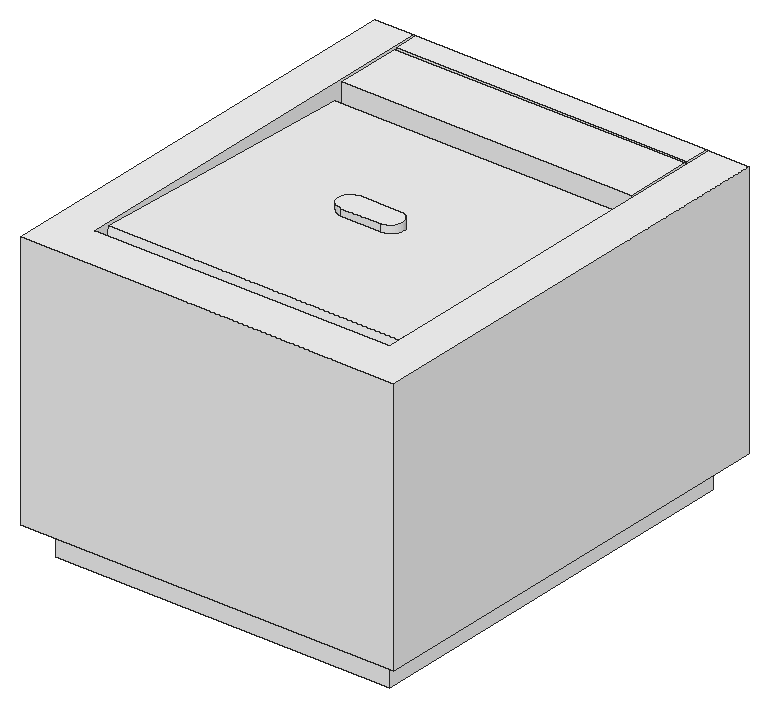
Revit family "Gira_010530", category Electrical Fixtures, host Face, Revit 2017
Family settings
  Host = Face
  Maintain Annotation Orientation = Yes
  Round Connector Dimension = Use Diameter
  Part Type = Normal
  Cut with Voids When Loaded = No
  Shared = No
  Room Calculation Point = No
Parameters (values of type "Rocker sw. series sw. WP surface-mounted grey")
  With mounting plate = "No"
  Wiring system = "Series switch"
  White [instance] = White
  Washing machine switch = "No"
  URL = "http://katalog.gira.de/en/datenblatt.html?artikelnr=010530"
  Type of fastening = "Screw mounting"
  Surface protection = "Other"
  Suitable for degree of protection (IP) = "IP44"
  Rated current = "10"
  Push button switch = "No"
  Number of rockers = "2"
  Number of modules (module system) = "1"
  Nominal voltage = "250"
  Name = "Rocker sw. series sw. WP surface-mounted grey"
  Mounting method = "Surface mounted (plaster)"
  Method of operation = "Rocker/button"
  Material quality = "Other"
  Material = "Other"
  Manufacturer URL = "https://www.gira.de/"
  Manufacturer = "Gira"
  Label space/information surface = "Yes"
  Illumination = "No"
  HeinzeBIM = "https://bimportal.heinze.de/bim/rocker-sw-series-sw-wp-surface-mounted-grey/78124c9148899853d86de6041eb3167d16340974"
  Halogen free = "No"
  HAN = "010530"
  GTIN = "4010337105305"
  Feedback-signal contact = "No"
  Description = "Rock.sw.series WP SM GY,Rocker switch 10 AX 250 V~,Series switch,grey,"
  Default Elevation = 1219.2 mm
  Data sheet (1) = "https://katalog.gira.de/en/download.html?artikelnr=010530"
  Connection type = "Plug clamp"
  Colour = "Grey"
  Category = "Switch"
  BIM (1) = "https://media.stage.bim.site/public/gira/36a6b08/IP44_Komplettgerät_Schalten und Tasten.rfa?public/gira/36a6b08/IP44_Komplettgerät_Schalten und Tasten.rfa"
  Available = "No"
  Assembly arrangement = "Basic element with complete housing"
Reference planes
  plane 1 "Center (Front/Back)": y = 0
  plane 2: z = 0
  plane 3 "Center (Left/Right)": x = 0
  plane 4: x = 30
  plane 5: x = -30
  plane 6: z = 41.4
Forms (mm)
  Extrusion 1, solid, material "White" <- "White", detail levels medium+fine
    sketch origin (0, 0, 0) x (1, 0, 0) y (0, 1, 0)
      loop
        line (-34, 41) -> (-34, -41) -> (34, -41) -> (34, 41) -> (-34, 41)
    from 0 to -6.2
  Extrusion 2, solid, material "White" <- "White", detail levels medium+fine
    sketch origin (0, 0, 0) x (1, 0, 0) y (0, 1, 0)
      loop
        line (-38, 45) -> (-38, -45) -> (38, -45) -> (38, 45) -> (-38, 45)
    from 0 to 52.4
  Extrusion 3, void
    sketch origin (0, 0, 0) x (1, 0, 0) y (0, 0, 1)
      loop
        line (-30, 59.413) -> (-30, 41.4) -> (30, 41.4) -> (30, 59.413) -> (-30, 59.413)
    from 36 to -113.06
  Extrusion 4, solid, material "White" <- "White", detail levels medium
    sketch origin (225, 0, 0) x (1, 0, 0) y (0, 1, 0)
      loop
        line (-254.5, 44.5) -> (-254.5, -35.5) -> (-195.5, -35.5) -> (-195.5, 44.5) -> (-254.5, 44.5)
    from 41.4 to 52.4
  Extrusion 5, solid, material "White" <- "White", detail levels fine
    sketch origin (0, 0, 0) x (1, 0, 0) y (0, 1, 0)
      loop
        line (-29.5, 45) -> (-29.5, 40) -> (29.5, 40) -> (29.5, 45) -> (-29.5, 45)
    from 41.4 to 52.4
  Extrusion 6, solid, material "White" <- "White", detail levels fine
    sketch origin (0, 0, 0) x (1, 0, 0) y (0, 1, 0)
      loop
        line (29.5, 39.5) -> (-29.5, 39.5) -> (-29.5, 26) -> (29.5, 26) -> (29.5, 39.5)
    from 41.4 to 52.4
  Extrusion 7, solid, material "White" <- "White", detail levels fine
    sketch origin (0, 0, 0) x (1, 0, 0) y (0, 1, 0)
      loop
        arc (-4, -1) -> (-6.5, -3.5) -> (-4, -6) r 2.5
        line (-4, -6) -> (4, -6)
        arc (4, -6) -> (6.5, -3.5) -> (4, -1) r 2.5
        line (4, -1) -> (-4, -1)
    from 41.4 to 52.4
  Extrusion 8, solid, material "White" <- "White", detail levels coarse
    sketch origin (0, 0, 0) x (1, 0, 0) y (0, 1, 0)
      loop
        line (-38, 46) -> (-38, -45) -> (38, -45) -> (38, 46) -> (-38, 46)
    from -6.2 to 52.4
  Extrusion 9, solid, material "White" <- "White", detail levels medium+fine
    sketch origin (0, 0, 0) x (1, 0, 0) y (0, 0, 1)
      loop
        circle (0, 14) r 3.6
    from -46 to -45
  Extrusion 10, solid, material "White" <- "White", detail levels fine
    sketch origin (0, 0, 0) x (0, 1, 0) y (0, 0, 1)
      loop
        line (-36, 41.4) -> (26, 41.4) -> (24.38, 49.736) -> (-33.115, 52.169) -> (-36, 41.4)
    from -29.5 to 29.5
Cuts and joins
  Extrusion 3 cuts Extrusion 2
Dimensions and locks
  aligned and locked: plane 2 to host face
  aligned and locked: level to host face
  aligned and locked: plane 3 "Center (Left/Right)" to nested 1
  aligned and locked: plane 1 "Center (Front/Back)" to nested 1
Nested families
  nested 1: "Schalter" at (0, 0, 0), type "Schalter"
Connectors
  electrical at (0, 0, -6.2)
    settings: on Extrusion 1, index 1, voltage 224 V, apparent load 0 VA, apparent load phase1 0 VA, apparent load phase2 0 VA, apparent load phase3 0 VA, power factor 1, load classification "Other", number of poles 1, system type 30, power factor state 1, is connector primary yes, connector utility no, sub classification motor no, connector description ""
Definition of nested family "Schalter"
  Reference planes
    plane 1: y = 0
    plane 2: x = 0
  Lines and regions (mm)
    detail lines
      curve 1: circle (1.375, 2.778, 0) r 0.8 normal (0, 0, 1)
      curve 2: line (1.021, 2.061, 0) -> (0, 0, 0)
      curve 3: line (0, 0, 0) -> (-0.538, 0.266, 0)
  Dimensions and locks
    curve 2 to curve 2 = 2.3 mm
    curve 3 to curve 2 = 0.6 mm
    radius of curve 1 = 0.8 mm
